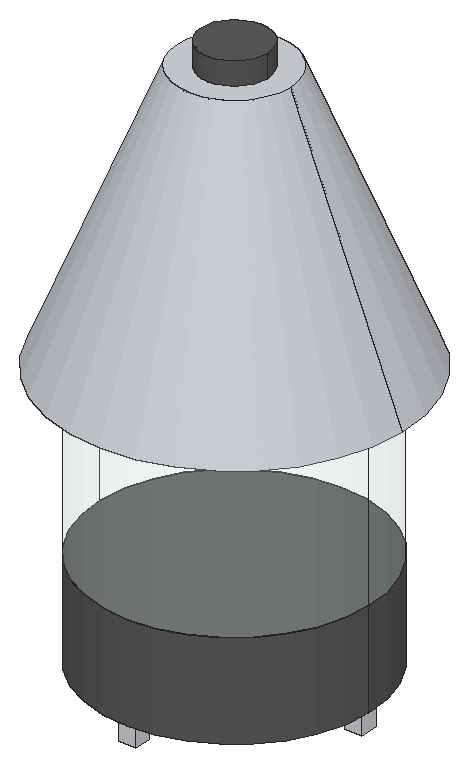
Revit family "montigo-commercial-round-fireplace-R48X30", category Generic Models, Revit 2019
Family settings
  Can host rebar = No
  Round Connector Dimension = Use Diameter
  Part Type = Normal
  Work Plane-Based = No
  Always vertical = Yes
  Cut with Voids When Loaded = No
  Shared = No
  Room Calculation Point = No
Parameters
  URL = "https://www.montigo.com/"
  Model = ""
  Manufacturer Fax = ""
  Manufacturer Website = "https://www.montigo.com/"
  Manufacturer Phone - Toll Free = "800-378-3115"
  Manufacturer Phone = ""
  Manufacturer Address = "27342 Gloucester Way  Langley, BC, Canada   V4W 4A1"
  Manufacturer = "Montigo"
  Keynote = ""
  Glazing Tint = Glass - Montigo - Tint as Specified
  Frame Material = Metal - Montigo - Black
  Firebox Material = Metal - Montigo - White
  Description = "Montigo Fireplace as Specified"
Reference planes (in)
  plane 1 "Center (Front/Back)": y = 0
  plane 2: z = 0
  plane 3 "Center (Left/Right)": x = 0
Forms (in)
  Extrusion 1, solid, material "Metal - Montigo - Black" <- "Frame Material"
    sketch origin (15, -15, 0) x (1, 0, 0) y (0, 1, 0)
      loop
        circle (-15, 15) r 24
    from 3 to 20
  Extrusion 2, solid, material "Glass - Montigo - Tint as Specified" <- "Glazing Tint"
    sketch origin (15, -15, 0) x (1, 0, 0) y (0, 1, 0)
      loop
        circle (-15, 15) r 24
    from 20 to 50
  SweptBlend 3, solid
    path origin (19.1875, -6.15625, 0) x (-1, 0, 0) y (0, 0, -1)
      loop
        line (19.1875, -50) -> (19.1875, -98)
    profile origin (0, -6.15625, 50) x (-1, 0, 0) y (0, -1, 0)
      loop
        circle (0, -6.15625) r 30
    end profile origin (0, -6.15625, 98) x (-1, 0, 0) y (0, -1, 0)
      loop
        circle (0, -6.15625) r 10
  Extrusion 4, solid, material "Metal - Montigo - Black" <- "Frame Material"
    sketch origin (15, -15, 0) x (1, 0, 0) y (0, 1, 0)
      loop
        circle (-15, 15) r 5.875
    from 98 to 102
  Extrusion 5, solid
    sketch origin (0, 0, 0) x (1, 0, 0) y (0, 1, 0)
      loop
        line (-1.5, 20.95308) -> (1.5, 20.95308) -> (1.5, 23.95308) -> (-1.5, 23.95308) -> (-1.5, 20.95308)
      loop
        line (20.95308, 1.5) -> (20.95308, -1.5) -> (23.95308, -1.5) -> (23.95308, 1.5) -> (20.95308, 1.5)
      loop
        line (-20.95308, -1.5) -> (-20.95308, 1.5) -> (-23.95308, 1.5) -> (-23.95308, -1.5) -> (-20.95308, -1.5)
      loop
        line (1.5, -20.95308) -> (-1.5, -20.95308) -> (-1.5, -23.95308) -> (1.5, -23.95308) -> (1.5, -20.95308)
    from 0 to 3
Dimensions and locks (in)
  diameter of Extrusion 4 sketch curve = 11 3/4"
  aligned and locked: level to plane 2
Connectors (in)
  hvac at (0, 0, 102)
    settings: on Extrusion 4, index 1, duct flow 0.0 L/s, flow factor 0, pres drop 0.0 Pa, loss coef 0, conn angle 0.00°, conn width 304.8 mm, conn height 304.8 mm, conn diameter 298.45 mm, duct sys type 3, conn prof type 0, flow config 0, flow direction 0, loss method 0, conn ref index -1, conn util no, is conn primary yes, conn desc ""
